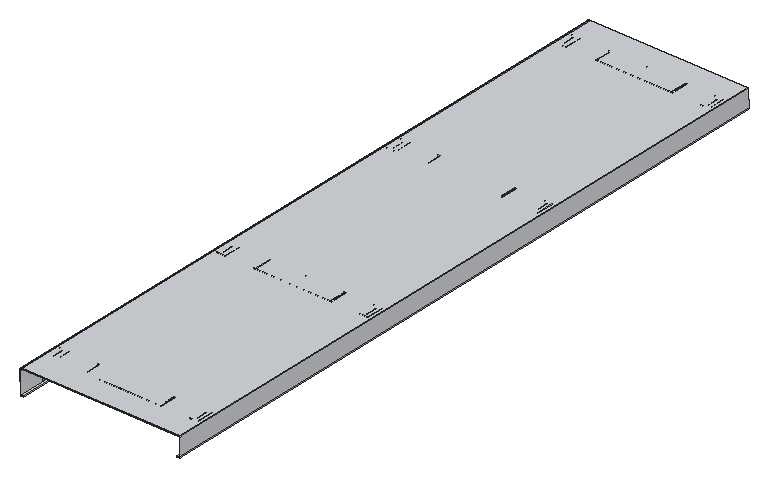
Revit family "AT450", category 一般モデル, Revit 2020
Family settings
  鉄筋をホスト可能 = いいえ
  丸型コネクタ寸法 = 直径を使用
  パーツ タイプ = 標準
  作業面ベース = いいえ
  常に垂直 = はい
  ロード時にボイドで切り取り = いいえ
  共有 = いいえ
  部屋計算ポイント = いいえ
Parameters
  笠木長さ [instance] = 2000 mm
  既定の高さ = 0 mm
  定尺笠木長さ = 4000 mm
  固定金具数 [instance] = 4
  判定 [instance] = if(笠木長さ > 4000 mm, 定尺笠木長さ, 笠木長さ)  # 2000 mm
Reference planes
  plane 1 "中心(正面/背面)": y = 0
  plane 2: z = 0
  plane 3 "中心(左/右)": x = 0
  plane 4: x = 225
  plane 5: x = -225
  plane 6: z = -43
  plane 7: y = -2000
  plane 8: y = -100
  plane 9: y = -1900
Forms (mm)
  Extrusion 1, solid
    sketch origin (-229.821, 0, -144.868) x (1, 0, 0) y (0, 0, 1)
      loop
        arc (4.821, 103.868) -> (5.407, 102.453) -> (6.821, 101.868) r 2
        line (6.821, 101.868) -> (14.821, 101.868) -> (14.821, 103.868) -> (6.821, 103.868) -> (6.821, 167.719)
        arc (6.821, 167.719) -> (7.436, 169.157) -> (8.896, 169.714) r 2
        line (8.896, 169.714) -> (452.821, 154.95) -> (452.821, 103.868) -> (444.821, 103.868) -> (444.821, 101.868) -> (452.821, 101.868)
        arc (452.821, 101.868) -> (454.235, 102.453) -> (454.821, 103.868) r 2
        line (454.821, 103.868) -> (454.821, 154.942)
        arc (454.821, 154.942) -> (454.262, 156.329) -> (452.896, 156.94) r 2
        line (452.896, 156.94) -> (6.94, 171.788)
        arc (6.94, 171.788) -> (5.45, 171.247) -> (4.821, 169.792) r 2
        line (4.821, 169.792) -> (4.821, 103.868)
    from 0 to 2000
  Extrusion 2, solid, not visible
    sketch origin (0, 0, 0) x (1, 0, 0) y (0, 0, 1)
      loop
        arc (4.821, 103.868) -> (5.407, 102.453) -> (6.821, 101.868) r 2
        line (6.821, 101.868) -> (14.821, 101.868) -> (14.821, 103.868) -> (6.821, 103.868) -> (6.821, 167.719)
        arc (6.821, 167.719) -> (7.436, 169.157) -> (8.896, 169.714) r 2
        line (8.896, 169.714) -> (452.821, 154.95) -> (452.821, 103.868) -> (444.821, 103.868) -> (444.821, 101.868) -> (452.821, 101.868)
        arc (452.821, 101.868) -> (454.235, 102.453) -> (454.821, 103.868) r 2
        line (454.821, 103.868) -> (454.821, 154.942)
        arc (454.821, 154.942) -> (454.262, 156.329) -> (452.896, 156.94) r 2
        line (452.896, 156.94) -> (6.94, 171.788)
        arc (6.94, 171.788) -> (5.45, 171.247) -> (4.821, 169.792) r 2
        line (4.821, 169.792) -> (4.821, 103.868)
    from 0 to 250
Dimensions and locks
  locked: plane 6 to plane 2 at 43
  locked: plane 5 to plane 3 "中心(左/右)" at 225
  plane 5 to plane 4 = 450 mm
  "笠木長さ": plane 7 to plane 1 "中心(正面/背面)"
  locked: plane 9 to plane 7 at 100
  locked: plane 1 "中心(正面/背面)" to plane 8 at 100
  locked: nested 1 to plane 8 at 25
  equal spacing: group 2, group 4, group 5, group 3  (x2)
  equal spacing: group 3, group 5, group 4, group 2
  locked: plane 9 to nested 2 at 25
  "判定": Extrusion 1 to plane 1 "中心(正面/背面)"
  aligned and locked: level to plane 2
  aligned and locked: plane 5 to Extrusion 1
  aligned and locked: plane 6 to Extrusion 1
  aligned and locked: plane 7 to Extrusion 1
Automatic sketch dimensions
  plane 5 to Extrusion 1 sketch curve = 0 mm
  Extrusion 1 sketch curve to plane 6 = 0 mm  (x2)
  plane 4 to Extrusion 1 sketch curve = 0 mm  (x3)
  Extrusion 1 sketch curve to plane 5 = 2 mm  (x3)
  Extrusion 1 sketch curve to Extrusion 1 sketch curve = 0.119 mm
  Extrusion 1 sketch curve to Extrusion 1 sketch curve = 2 mm
  Extrusion 1 sketch curve to plane 6 = 2 mm  (x4)
  Extrusion 1 sketch curve to Extrusion 1 sketch curve = 8 mm
  plane 4 to Extrusion 1 sketch curve = 10 mm
  plane 4 to Extrusion 1 sketch curve = 2 mm  (x2)
  Extrusion 1 sketch curve to Extrusion 1 sketch curve = 0 mm  (x16)
  level to Extrusion 1 sketch curve = 10.074 mm
  Extrusion 1 sketch curve to Extrusion 1 sketch curve = 0.009 mm
  level to Extrusion 1 sketch curve = 22.847 mm
  Extrusion 1 sketch curve to Extrusion 1 sketch curve = 0.005 mm
  Extrusion 1 sketch curve to Extrusion 1 sketch curve = 2.072 mm
  Extrusion 1 sketch curve to Extrusion 1 sketch curve = 1.996 mm
  Extrusion 1 sketch curve to plane 5 = 0 mm
  Extrusion 1 sketch curve to Extrusion 1 sketch curve = 0.075 mm
  plane 4 to Extrusion 1 sketch curve = 1.925 mm
Nested families
  nested 1: "ATAF450" at (0, -75, 0), type "ATAF450"
  nested 2: "ATAF450" at (0, -1875, 0), type "ATAF450"
  nested 3: "ATAF450" at (0, -675, 0), type "ATAF450"
  nested 4: "ATAF450" at (0, -1275, 0), type "ATAF450"
Definition of nested family "ATAF450"
  Parameters
    Default Elevation = 0 mm
  Reference planes
    plane 1 "中心(正面/背面)": y = 0
    plane 2: z = 0
    plane 3 "中心(左/右)": x = 0
  Forms (mm)
    Extrusion 1, solid
      sketch origin (-446.757, 0, -465.973) x (1, 0, 0) y (0, 0, 1)
        loop
          line (659.757, 477.703) -> (637.757, 478.433) -> (637.757, 473.523)
          arc (637.757, 473.523) -> (637.083, 472.025) -> (635.514, 471.537) r 2
          line (635.514, 471.537) -> (621.74, 473.173) -> (610.186, 473.173) -> (557.757, 473.173) -> (557.757, 481.103) -> (553.567, 481.242) -> (553.152, 478.052) -> (553.248, 480.962) -> (446.757, 484.492) -> (343.591, 487.923) -> (343.257, 484.755) -> (343.257, 488.233) -> (338.757, 488.382) -> (338.757, 473.173) -> (283.218, 473.173) -> (272.186, 473.172) -> (263.031, 472.502)
          arc (263.031, 472.502) -> (260.028, 473.569) -> (258.757, 476.491) r 4
          line (258.757, 476.491) -> (258.755, 481.99) -> (257.757, 490.595) -> (233.757, 491.873) -> (223.757, 433.267) -> (223.757, 428.293) -> (225.582, 428.293) -> (236.946, 483.217)
          arc (236.946, 483.217) -> (238.229, 485.274) -> (240.541, 486.004) r 3.5
          line (240.541, 486.004) -> (250.872, 485.454)
          arc (250.872, 485.454) -> (252.565, 484.683) -> (253.257, 482.956) r 2.5
          line (253.257, 482.956) -> (253.257, 465.973) -> (343.257, 465.973) -> (343.257, 478.029) -> (553.257, 471.045) -> (553.257, 465.973) -> (643.357, 465.973) -> (643.357, 471.046)
          arc (643.357, 471.046) -> (644.318, 472.178) -> (645.751, 472.565) r 2.5
          line (645.751, 472.565) -> (653.774, 472.298)
          arc (653.774, 472.298) -> (655.812, 471.558) -> (657.023, 469.76) r 3.5
          line (657.023, 469.76) -> (667.757, 432.061) -> (667.757, 428.293) -> (669.757, 428.293) -> (669.757, 435.292) -> (659.757, 477.703)
      from 0 to 50
  Dimensions and locks
    Extrusion 1 sketch curve to Extrusion 1 sketch curve = 223 mm
    Extrusion 1 to plane 3 "中心(左/右)" = 223 mm
    Extrusion 1 to level = 0 mm
    aligned and locked: level to plane 2
